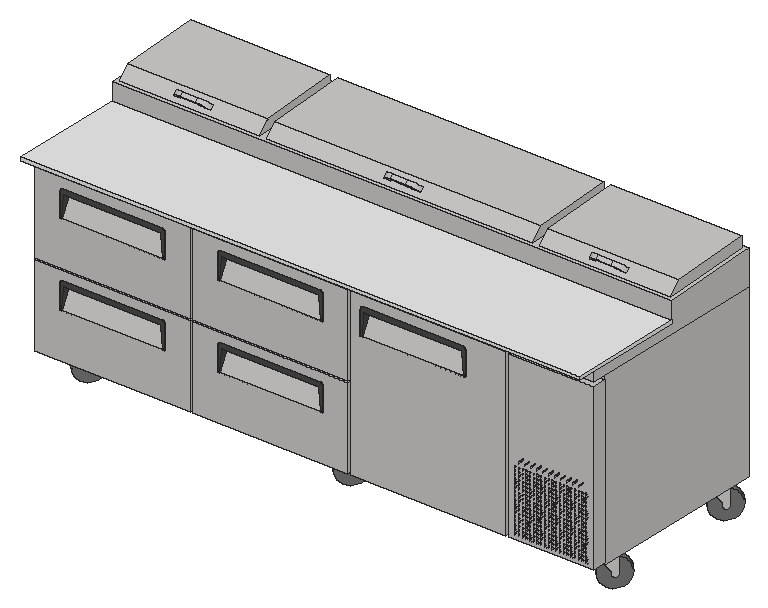
Revit family "QF_Turbo Air_TPR-93SD-D4", category Specialty Equipment, Revit 2012 (continued)
Forms (in)
  Extrusion 17, solid, material "QF_Finishes_Clearances", detail levels coarse
    sketch origin (-20.10094, 0, 0) x (0, 1, 0) y (0, 0, 1)
      loop
        line (-0.43665, 40.16021) -> (0.94312, 41.18404) -> (-6.89696, 51.74983) -> (-9.30056, 52.10578)
        arc (-9.30056, 52.10578) -> (-13.94213, 46.43603) -> (-15.28268, 39.23233) r 14.75
        line (-15.28268, 39.23233) -> (-13.67506, 41.0543) -> (-0.54382, 41.875) -> (-0.43665, 40.16021)
    from 0 to 23.3125
  Extrusion 18, solid, material "QF_Finishes_Stainless Steel"
    sketch origin (4.39906, 0, 0) x (0, 1, 0) y (0, 0, 1)
      loop
        line (-0.43665, 40.16021) -> (-0.54382, 41.875) -> (-13.67506, 41.0543) -> (-15.28268, 39.23233) -> (-0.43665, 40.16021)
    from 0 to 44.4375
  Extrusion 19, solid, material "QF_Finishes_Stainless Steel"
    sketch origin (35.0625, 15.62211, 13.58363) x (1, 0, 0) y (0, -0.749838, 0.661622)
      loop
        line (-6.44469, 40.14331) -> (-5.44469, 40.14331)
        arc (-5.44469, 40.14331) -> (-6.1194, 41.04872) -> (-7.19469, 41.39331) r 1.85
        line (-7.19469, 41.39331) -> (-9.69469, 41.39331)
        arc (-9.69469, 41.39331) -> (-10.76998, 41.04872) -> (-11.44469, 40.14331) r 1.85
        line (-11.44469, 40.14331) -> (-10.44469, 40.14331) -> (-10.44469, 40.64331)
        arc (-10.44469, 40.64331) -> (-10.29824, 40.99687) -> (-9.94469, 41.14331) r 0.5
        line (-9.94469, 41.14331) -> (-6.94469, 41.14331)
        arc (-6.94469, 41.14331) -> (-6.59114, 40.99687) -> (-6.44469, 40.64331) r 0.5
        line (-6.44469, 40.64331) -> (-6.44469, 40.14331)
    from -0.375 to 0.375
  Extrusion 20, solid, material "QF_Finishes_Clearances", detail levels coarse
    sketch origin (-0.96875, -13.97942, 12.21756) x (1, 0, 0) y (0, 0.146492, 0.989212)
      loop
        line (29.58656, 40.14331) -> (30.58656, 40.14331)
        arc (30.58656, 40.14331) -> (29.91185, 41.04872) -> (28.83656, 41.39331) r 1.85
        line (28.83656, 41.39331) -> (26.33656, 41.39331)
        arc (26.33656, 41.39331) -> (25.26127, 41.04872) -> (24.58656, 40.14331) r 1.85
        line (24.58656, 40.14331) -> (25.58656, 40.14331) -> (25.58656, 40.64331)
        arc (25.58656, 40.64331) -> (25.73301, 40.99687) -> (26.08656, 41.14331) r 0.5
        line (26.08656, 41.14331) -> (29.08656, 41.14331)
        arc (29.08656, 41.14331) -> (29.44011, 40.99687) -> (29.58656, 40.64331) r 0.5
        line (29.58656, 40.64331) -> (29.58656, 40.14331)
    from -0.375 to 0.375
  Extrusion 21, solid, material "QF_Finishes_Clearances", detail levels coarse
    sketch origin (4.39906, 0, 0) x (0, 1, 0) y (0, 0, 1)
      loop
        line (-0.43665, 40.16021) -> (0.94312, 41.18404) -> (-6.89696, 51.74983) -> (-9.30056, 52.10578)
        arc (-9.30056, 52.10578) -> (-13.94213, 46.43603) -> (-15.28268, 39.23233) r 14.75
        line (-15.28268, 39.23233) -> (-13.67506, 41.0543) -> (-0.54382, 41.875) -> (-0.43665, 40.16021)
    from 0 to 44.4375
  Extrusion 22, solid, material "QF_Finishes_Black"
    sketch origin (0, -29.875, 0) x (1, 0, 0) y (0, 0, 1)
      loop
        line (6.58656, 32.5625) -> (6.58656, 7.125) -> (30.58656, 7.125) -> (30.58656, 32.5625) -> (6.58656, 32.5625)
    from 0 to 0.5625
Lines and regions (in)
  symbolic lines
    curve 1: line (-20.78844, 0, 0) -> (72.58656, 0, 0)
    curve 2: line (-20.78844, -35.25, 0) -> (-20.78844, 0, 0)
    curve 3: line (72.58656, -35.25, 0) -> (-20.78844, -35.25, 0)
    curve 4: line (72.58656, 0, 0) -> (72.58656, -35.25, 0)
    curve 5: line (-20.78844, -16, 0) -> (72.58656, -16, 0)
    curve 6: line (-20.10094, -0.43665, 0) -> (3.21156, -0.43665, 0)
    curve 7: line (-20.10094, -0.43665, 0) -> (-20.10094, -15.28268, 0)
    curve 8: line (3.21156, -15.28268, 0) -> (-5.92034, -15.28268, 0)
    curve 9: line (3.21156, -15.28268, 0) -> (3.21156, -0.43665, 0)
    curve 10: line (-7.19469, -15.66428, 0) -> (-9.69469, -15.66428, 0)
    curve 11: line (-9.69469, -15.16806, 0) -> (-7.19469, -15.16806, 0)
    curve 12: spline (-9.69469, -15.66428, 0) -> (-9.88559, -15.65687, 0) -> (-10.07446, -15.63473, 0) -> (-10.25927, -15.5981, 0) -> (-10.43805, -15.54736, 0) -> (-10.6089, -15.48306, 0) -> (-10.76998, -15.40589, 0) -> (-10.91958, -15.31666, 0) -> (-11.05611, -15.21633, 0) -> (-11.1781, -15.10598, 0) -> (-11.28425, -14.98677, 0) -> (-11.37343, -14.85999, 0) -> (-11.44469, -14.72698, 0)
    curve 13: spline (-11.44469, -14.23076, 0) -> (-11.37343, -14.36377, 0) -> (-11.28425, -14.49055, 0) -> (-11.1781, -14.60976, 0) -> (-11.05611, -14.72012, 0) -> (-10.91958, -14.82044, 0) -> (-10.76998, -14.90967, 0) -> (-10.6089, -14.98685, 0) -> (-10.43805, -15.05115, 0) -> (-10.25927, -15.10189, 0) -> (-10.07446, -15.13852, 0) -> (-9.88559, -15.16066, 0) -> (-9.69469, -15.16806, 0)
    curve 14: line (-10.44469, -14.23076, 0) -> (-11.44469, -14.23076, 0)
    curve 15: line (-11.44469, -14.23076, 0) -> (-11.44469, -14.72698, 0)
    curve 16: line (-10.44469, -14.60568, 0) -> (-10.44469, -14.23076, 0)
    curve 17: line (-6.94469, -14.9806, 0) -> (-9.94469, -14.9806, 0)
    curve 18: spline (-9.94469, -14.9806, 0) -> (-10.00995, -14.97739, 0) -> (-10.0741, -14.96783, 0) -> (-10.13603, -14.95206, 0) -> (-10.19469, -14.93037, 0) -> (-10.24907, -14.90313, 0) -> (-10.29824, -14.87079, 0) -> (-10.34137, -14.83392, 0) -> (-10.3777, -14.79314, 0) -> (-10.40663, -14.74916, 0) -> (-10.42765, -14.70272, 0) -> (-10.44041, -14.65462, 0) -> (-10.44469, -14.60568, 0)
    curve 19: line (-5.44469, -14.23076, 0) -> (-6.44469, -14.23076, 0)
    curve 20: line (-5.44469, -14.72698, 0) -> (-5.44469, -14.23076, 0)
    curve 21: line (-6.44469, -14.23076, 0) -> (-6.44469, -14.60568, 0)
    curve 22: spline (-6.44469, -14.60568, 0) -> (-6.44897, -14.65462, 0) -> (-6.46173, -14.70272, 0) -> (-6.48275, -14.74916, 0) -> (-6.51168, -14.79314, 0) -> (-6.54801, -14.83392, 0) -> (-6.59114, -14.87079, 0) -> (-6.64031, -14.90313, 0) -> (-6.69469, -14.93037, 0) -> (-6.75335, -14.95206, 0) -> (-6.81528, -14.96783, 0) -> (-6.87943, -14.97739, 0) -> (-6.94469, -14.9806, 0)
    curve 23: spline (-7.19469, -15.16806, 0) -> (-7.00379, -15.16066, 0) -> (-6.81492, -15.13852, 0) -> (-6.63011, -15.10189, 0) -> (-6.45133, -15.05115, 0) -> (-6.28048, -14.98685, 0) -> (-6.1194, -14.90967, 0) -> (-5.9698, -14.82044, 0) -> (-5.83327, -14.72012, 0) -> (-5.71128, -14.60976, 0) -> (-5.60513, -14.49055, 0) -> (-5.51595, -14.36377, 0) -> (-5.44469, -14.23076, 0)
    curve 24: spline (-5.44469, -14.72698, 0) -> (-5.51595, -14.85999, 0) -> (-5.60513, -14.98677, 0) -> (-5.71128, -15.10598, 0) -> (-5.83327, -15.21633, 0) -> (-5.9698, -15.31666, 0) -> (-6.1194, -15.40589, 0) -> (-6.28048, -15.48306, 0) -> (-6.45133, -15.54736, 0) -> (-6.63011, -15.5981, 0) -> (-6.81492, -15.63473, 0) -> (-7.00379, -15.65687, 0) -> (-7.19469, -15.66428, 0)
    curve 25: line (-10.96904, -15.28268, 0) -> (-20.10094, -15.28268, 0)
    curve 26: line (-15.28844, 1, 0) -> (-14.03844, 1, 0)
    curve 27: line (65.83656, 1, 0) -> (67.08656, 1, 0)
    curve 28: line (67.08656, 1, 0) -> (67.08656, 0, 0)
    curve 29: line (65.83656, 1, 0) -> (65.83656, 0, 0)
    curve 30: line (-14.03844, 1, 0) -> (-14.03844, 0, 0)
    curve 31: line (-15.28844, 1, 0) -> (-15.28844, 0, 0)
    curve 50: line (62.21156, -15.66428, 0) -> (59.71156, -15.66428, 0)
    curve 51: line (59.71156, -15.16806, 0) -> (62.21156, -15.16806, 0)
    curve 52: spline (59.71156, -15.66428, 0) -> (59.52066, -15.65687, 0) -> (59.33179, -15.63473, 0) -> (59.14698, -15.5981, 0) -> (58.9682, -15.54736, 0) -> (58.79735, -15.48306, 0) -> (58.63627, -15.40589, 0) -> (58.48667, -15.31666, 0) -> (58.35014, -15.21633, 0) -> (58.22815, -15.10598, 0) -> (58.122, -14.98677, 0) -> (58.03282, -14.85999, 0) -> (57.96156, -14.72698, 0)
    curve 53: spline (57.96156, -14.23076, 0) -> (58.03282, -14.36377, 0) -> (58.122, -14.49055, 0) -> (58.22815, -14.60976, 0) -> (58.35014, -14.72012, 0) -> (58.48667, -14.82044, 0) -> (58.63627, -14.90967, 0) -> (58.79735, -14.98685, 0) -> (58.9682, -15.05115, 0) -> (59.14698, -15.10189, 0) -> (59.33179, -15.13852, 0) -> (59.52066, -15.16066, 0) -> (59.71156, -15.16806, 0)
    curve 54: line (58.96156, -14.23076, 0) -> (57.96156, -14.23076, 0)
    curve 55: line (57.96156, -14.23076, 0) -> (57.96156, -14.72698, 0)
    curve 56: line (58.96156, -14.60568, 0) -> (58.96156, -14.23076, 0)
    curve 57: line (63.96156, -14.23076, 0) -> (62.96156, -14.23076, 0)
    curve 58: line (63.96156, -14.72698, 0) -> (63.96156, -14.23076, 0)
    curve 59: line (62.96156, -14.23076, 0) -> (62.96156, -14.60568, 0)
    curve 60: spline (62.21156, -15.16806, 0) -> (62.40246, -15.16066, 0) -> (62.59133, -15.13852, 0) -> (62.77614, -15.10189, 0) -> (62.95492, -15.05115, 0) -> (63.12577, -14.98685, 0) -> (63.28685, -14.90967, 0) -> (63.43645, -14.82044, 0) -> (63.57298, -14.72012, 0) -> (63.69497, -14.60976, 0) -> (63.80112, -14.49055, 0) -> (63.8903, -14.36377, 0) -> (63.96156, -14.23076, 0)
    curve 61: spline (63.96156, -14.72698, 0) -> (63.8903, -14.85999, 0) -> (63.80112, -14.98677, 0) -> (63.69497, -15.10598, 0) -> (63.57298, -15.21633, 0) -> (63.43645, -15.31666, 0) -> (63.28685, -15.40589, 0) -> (63.12577, -15.48306, 0) -> (62.95492, -15.54736, 0) -> (62.77614, -15.5981, 0) -> (62.59133, -15.63473, 0) -> (62.40246, -15.65687, 0) -> (62.21156, -15.66428, 0)
    curve 65: line (71.89906, -0.43665, 0) -> (50.02406, -0.43665, 0)
    curve 66: line (50.02406, -15.28268, 0) -> (58.43721, -15.28268, 0)
    curve 67: line (50.02406, -0.43665, 0) -> (50.02406, -15.28268, 0)
    curve 68: line (71.89906, -15.28268, 0) -> (71.89906, -0.43665, 0)
    curve 69: line (63.48591, -15.28268, 0) -> (71.89906, -15.28268, 0)
    curve 146: line (27.86781, -15.66428, 0) -> (25.36781, -15.66428, 0)
    curve 147: line (25.36781, -15.16806, 0) -> (27.86781, -15.16806, 0)
    curve 148: spline (25.36781, -15.66428, 0) -> (25.17691, -15.65687, 0) -> (24.98804, -15.63473, 0) -> (24.80323, -15.5981, 0) -> (24.62445, -15.54736, 0) -> (24.4536, -15.48306, 0) -> (24.29252, -15.40589, 0) -> (24.14292, -15.31666, 0) -> (24.00639, -15.21633, 0) -> (23.8844, -15.10598, 0) -> (23.77825, -14.98677, 0) -> (23.68907, -14.85999, 0) -> (23.61781, -14.72698, 0)
    curve 149: spline (23.61781, -14.23076, 0) -> (23.68907, -14.36377, 0) -> (23.77825, -14.49055, 0) -> (23.8844, -14.60976, 0) -> (24.00639, -14.72012, 0) -> (24.14292, -14.82044, 0) -> (24.29252, -14.90967, 0) -> (24.4536, -14.98685, 0) -> (24.62445, -15.05115, 0) -> (24.80323, -15.10189, 0) -> (24.98804, -15.13852, 0) -> (25.17691, -15.16066, 0) -> (25.36781, -15.16806, 0)
    curve 150: line (24.61781, -14.23076, 0) -> (23.61781, -14.23076, 0)
    curve 151: line (23.61781, -14.23076, 0) -> (23.61781, -14.72698, 0)
    curve 152: line (24.61781, -14.60568, 0) -> (24.61781, -14.23076, 0)
    curve 153: line (28.11781, -14.9806, 0) -> (25.11781, -14.9806, 0)
    curve 154: spline (25.11781, -14.9806, 0) -> (25.05255, -14.97739, 0) -> (24.9884, -14.96783, 0) -> (24.92647, -14.95206, 0) -> (24.86781, -14.93037, 0) -> (24.81343, -14.90313, 0) -> (24.76426, -14.87079, 0) -> (24.72113, -14.83392, 0) -> (24.6848, -14.79314, 0) -> (24.65587, -14.74916, 0) -> (24.63485, -14.70272, 0) -> (24.62209, -14.65462, 0) -> (24.61781, -14.60568, 0)
    curve 155: line (29.61781, -14.23076, 0) -> (28.61781, -14.23076, 0)
    curve 156: line (29.61781, -14.72698, 0) -> (29.61781, -14.23076, 0)
    curve 157: line (28.61781, -14.23076, 0) -> (28.61781, -14.60568, 0)
    curve 158: spline (28.61781, -14.60568, 0) -> (28.61353, -14.65462, 0) -> (28.60077, -14.70272, 0) -> (28.57975, -14.74916, 0) -> (28.55082, -14.79314, 0) -> (28.51449, -14.83392, 0) -> (28.47136, -14.87079, 0) -> (28.42219, -14.90313, 0) -> (28.36781, -14.93037, 0) -> (28.30915, -14.95206, 0) -> (28.24722, -14.96783, 0) -> (28.18307, -14.97739, 0) -> (28.11781, -14.9806, 0)
    curve 159: spline (27.86781, -15.16806, 0) -> (28.05871, -15.16066, 0) -> (28.24758, -15.13852, 0) -> (28.43239, -15.10189, 0) -> (28.61117, -15.05115, 0) -> (28.78202, -14.98685, 0) -> (28.9431, -14.90967, 0) -> (29.0927, -14.82044, 0) -> (29.22923, -14.72012, 0) -> (29.35122, -14.60976, 0) -> (29.45737, -14.49055, 0) -> (29.54655, -14.36377, 0) -> (29.61781, -14.23076, 0)
    curve 160: spline (29.61781, -14.72698, 0) -> (29.54655, -14.85999, 0) -> (29.45737, -14.98677, 0) -> (29.35122, -15.10598, 0) -> (29.22923, -15.21633, 0) -> (29.0927, -15.31666, 0) -> (28.9431, -15.40589, 0) -> (28.78202, -15.48306, 0) -> (28.61117, -15.54736, 0) -> (28.43239, -15.5981, 0) -> (28.24758, -15.63473, 0) -> (28.05871, -15.65687, 0) -> (27.86781, -15.66428, 0)
    curve 252: line (4.39906, -0.43665, 0) -> (4.39906, -15.28268, 0)
    curve 253: line (4.39906, -15.28268, 0) -> (24.09346, -15.28268, 0)
    curve 254: line (48.83656, -15.28268, 0) -> (48.83656, -0.43665, 0)
    curve 255: line (48.83656, -0.43665, 0) -> (4.39906, -0.43665, 0)
    curve 256: line (29.14216, -15.28268, 0) -> (48.83656, -15.28268, 0)
  symbolic lines, style "QF_Surface Details"
    curve 32: line (-11.31969, -14.5625, 0) -> (-5.56969, -14.5625, 0)
    curve 33: line (-5.00719, -14, 0) -> (-5.00719, -2.375, 0)
    curve 34: line (-5.56969, -1.8125, 0) -> (-11.31969, -1.8125, 0)
    curve 35: line (-11.88219, -14, 0) -> (-11.88219, -2.375, 0)
    curve 36: arc (-5.56969, -1.8125, 0) -> (-5.17194, -1.97725, 0) -> (-5.00719, -2.375, 0) r 0.5625
    curve 37: arc (-11.31969, -1.8125, 0) -> (-11.71744, -1.97725, 0) -> (-11.88219, -2.375, 0) r 0.5625
    curve 38: arc (-11.88219, -14, 0) -> (-11.71744, -14.39775, 0) -> (-11.31969, -14.5625, 0) r 0.5625
    curve 39: arc (-5.00719, -14, 0) -> (-5.17194, -14.39775, 0) -> (-5.56969, -14.5625, 0) r 0.5625
    curve 40: line (-5.56969, -12.625, 0) -> (-5.56969, -3.75, 0)
    curve 41: line (-6.94469, -2.375, 0) -> (-9.94469, -2.375, 0)
    curve 42: line (-9.94469, -14, 0) -> (-6.94469, -14, 0)
    curve 43: line (-11.31969, -12.625, 0) -> (-11.31969, -3.75, 0)
    curve 44: arc (-9.94469, -2.375, 0) -> (-10.91696, -2.77773, 0) -> (-11.31969, -3.75, 0) r 1.375
    curve 45: arc (-6.94469, -2.375, 0) -> (-5.97242, -2.77773, 0) -> (-5.56969, -3.75, 0) r 1.375
    curve 46: arc (-5.56969, -12.625, 0) -> (-5.97242, -13.59727, 0) -> (-6.94469, -14, 0) r 1.375
    curve 47: arc (-9.94469, -14, 0) -> (-10.91696, -13.59727, 0) -> (-11.31969, -12.625, 0) r 1.375
    curve 70: line (50.64906, -14, 0) -> (50.64906, -2.375, 0)
    curve 71: line (51.21156, -14.5625, 0) -> (56.96156, -14.5625, 0)
    curve 72: line (57.52406, -14, 0) -> (57.52406, -2.375, 0)
    curve 73: line (56.96156, -1.8125, 0) -> (51.21156, -1.8125, 0)
    curve 74: arc (56.96156, -1.8125, 0) -> (57.35931, -1.97725, 0) -> (57.52406, -2.375, 0) r 0.5625
    curve 75: arc (51.21156, -1.8125, 0) -> (50.81381, -1.97725, 0) -> (50.64906, -2.375, 0) r 0.5625
    curve 76: arc (57.52406, -14, 0) -> (57.35931, -14.39775, 0) -> (56.96156, -14.5625, 0) r 0.5625
    curve 77: line (56.96156, -12.625, 0) -> (56.96156, -3.75, 0)
    curve 78: line (55.58656, -2.375, 0) -> (52.58656, -2.375, 0)
    curve 79: line (52.58656, -14, 0) -> (55.58656, -14, 0)
    curve 80: line (51.21156, -12.625, 0) -> (51.21156, -3.75, 0)
    curve 81: arc (52.58656, -2.375, 0) -> (51.61429, -2.77773, 0) -> (51.21156, -3.75, 0) r 1.375
    curve 82: arc (55.58656, -2.375, 0) -> (56.55883, -2.77773, 0) -> (56.96156, -3.75, 0) r 1.375
    curve 83: arc (56.96156, -12.625, 0) -> (56.55883, -13.59727, 0) -> (55.58656, -14, 0) r 1.375
    curve 84: arc (52.58656, -14, 0) -> (51.61429, -13.59727, 0) -> (51.21156, -12.625, 0) r 1.375
    curve 85: arc (50.64906, -14, 0) -> (50.81381, -14.39775, 0) -> (51.21156, -14.5625, 0) r 0.5625
    curve 86: line (58.08656, -14.5625, 0) -> (63.83656, -14.5625, 0)
    curve 87: line (64.39906, -14, 0) -> (64.39906, -2.375, 0)
    curve 88: line (63.83656, -1.8125, 0) -> (58.08656, -1.8125, 0)
    curve 89: arc (63.83656, -1.8125, 0) -> (64.23431, -1.97725, 0) -> (64.39906, -2.375, 0) r 0.5625
    curve 90: arc (58.08656, -1.8125, 0) -> (57.68881, -1.97725, 0) -> (57.52406, -2.375, 0) r 0.5625
    curve 91: arc (64.39906, -14, 0) -> (64.23431, -14.39775, 0) -> (63.83656, -14.5625, 0) r 0.5625
    curve 92: line (63.83656, -12.625, 0) -> (63.83656, -3.75, 0)
    curve 93: line (62.46156, -2.375, 0) -> (59.46156, -2.375, 0)
    curve 94: line (59.46156, -14, 0) -> (62.46156, -14, 0)
    curve 95: line (58.08656, -12.625, 0) -> (58.08656, -3.75, 0)
    curve 96: arc (59.46156, -2.375, 0) -> (58.48929, -2.77773, 0) -> (58.08656, -3.75, 0) r 1.375
    curve 97: arc (62.46156, -2.375, 0) -> (63.43383, -2.77773, 0) -> (63.83656, -3.75, 0) r 1.375
    curve 98: arc (63.83656, -12.625, 0) -> (63.43383, -13.59727, 0) -> (62.46156, -14, 0) r 1.375
    curve 99: arc (59.46156, -14, 0) -> (58.48929, -13.59727, 0) -> (58.08656, -12.625, 0) r 1.375
    curve 100: arc (57.52406, -14, 0) -> (57.68881, -14.39775, 0) -> (58.08656, -14.5625, 0) r 0.5625
    curve 101: line (64.96156, -14.5625, 0) -> (70.71156, -14.5625, 0)
    curve 102: line (71.27406, -14, 0) -> (71.27406, -2.375, 0)
    curve 103: line (70.71156, -1.8125, 0) -> (64.96156, -1.8125, 0)
    curve 104: arc (70.71156, -1.8125, 0) -> (71.10931, -1.97725, 0) -> (71.27406, -2.375, 0) r 0.5625
    curve 105: arc (64.96156, -1.8125, 0) -> (64.56381, -1.97725, 0) -> (64.39906, -2.375, 0) r 0.5625
    curve 106: arc (71.27406, -14, 0) -> (71.10931, -14.39775, 0) -> (70.71156, -14.5625, 0) r 0.5625
    curve 107: line (70.71156, -12.625, 0) -> (70.71156, -3.75, 0)
    curve 108: line (69.33656, -2.375, 0) -> (66.33656, -2.375, 0)
    curve 109: line (66.33656, -14, 0) -> (69.33656, -14, 0)
    curve 110: line (64.96156, -12.625, 0) -> (64.96156, -3.75, 0)
    curve 111: arc (66.33656, -2.375, 0) -> (65.36429, -2.77773, 0) -> (64.96156, -3.75, 0) r 1.375
    curve 112: arc (69.33656, -2.375, 0) -> (70.30883, -2.77773, 0) -> (70.71156, -3.75, 0) r 1.375
    curve 113: arc (70.71156, -12.625, 0) -> (70.30883, -13.59727, 0) -> (69.33656, -14, 0) r 1.375
    curve 114: arc (66.33656, -14, 0) -> (65.36429, -13.59727, 0) -> (64.96156, -12.625, 0) r 1.375
    curve 115: arc (64.39906, -14, 0) -> (64.56381, -14.39775, 0) -> (64.96156, -14.5625, 0) r 0.5625
    curve 116: line (-18.19469, -14.5625, 0) -> (-12.44469, -14.5625, 0)
    curve 117: line (-12.44469, -1.8125, 0) -> (-18.19469, -1.8125, 0)
    curve 118: line (-18.75719, -14, 0) -> (-18.75719, -2.375, 0)
    curve 119: arc (-12.44469, -1.8125, 0) -> (-12.04694, -1.97725, 0) -> (-11.88219, -2.375, 0) r 0.5625
    curve 120: arc (-18.19469, -1.8125, 0) -> (-18.59244, -1.97725, 0) -> (-18.75719, -2.375, 0) r 0.5625
    curve 121: arc (-18.75719, -14, 0) -> (-18.59244, -14.39775, 0) -> (-18.19469, -14.5625, 0) r 0.5625
    curve 122: arc (-11.88219, -14, 0) -> (-12.04694, -14.39775, 0) -> (-12.44469, -14.5625, 0) r 0.5625
    curve 123: line (-12.44469, -12.625, 0) -> (-12.44469, -3.75, 0)
    curve 124: line (-13.81969, -2.375, 0) -> (-16.81969, -2.375, 0)
    curve 125: line (-16.81969, -14, 0) -> (-13.81969, -14, 0)
    curve 126: line (-18.19469, -12.625, 0) -> (-18.19469, -3.75, 0)
    curve 127: arc (-16.81969, -2.375, 0) -> (-17.79196, -2.77773, 0) -> (-18.19469, -3.75, 0) r 1.375
    curve 128: arc (-13.81969, -2.375, 0) -> (-12.84742, -2.77773, 0) -> (-12.44469, -3.75, 0) r 1.375
    curve 129: arc (-12.44469, -12.625, 0) -> (-12.84742, -13.59727, 0) -> (-13.81969, -14, 0) r 1.375
    curve 130: arc (-16.81969, -14, 0) -> (-17.79196, -13.59727, 0) -> (-18.19469, -12.625, 0) r 1.375
    curve 131: line (1.30531, -14.5625, 0) -> (-4.44469, -14.5625, 0)
    curve 132: line (-4.44469, -1.8125, 0) -> (1.30531, -1.8125, 0)
    curve 133: line (1.86781, -14, 0) -> (1.86781, -2.375, 0)
    curve 134: arc (-4.44469, -1.8125, 0) -> (-4.84244, -1.97725, 0) -> (-5.00719, -2.375, 0) r 0.5625
    curve 135: arc (1.30531, -1.8125, 0) -> (1.70306, -1.97725, 0) -> (1.86781, -2.375, 0) r 0.5625
    curve 136: arc (1.86781, -14, 0) -> (1.70306, -14.39775, 0) -> (1.30531, -14.5625, 0) r 0.5625
    curve 137: arc (-5.00719, -14, 0) -> (-4.84244, -14.39775, 0) -> (-4.44469, -14.5625, 0) r 0.5625
    curve 138: line (-4.44469, -12.625, 0) -> (-4.44469, -3.75, 0)
    curve 139: line (-3.06969, -2.375, 0) -> (-0.06969, -2.375, 0)
    curve 140: line (-0.06969, -14, 0) -> (-3.06969, -14, 0)
    curve 141: line (1.30531, -12.625, 0) -> (1.30531, -3.75, 0)
    curve 142: arc (-0.06969, -2.375, 0) -> (0.90258, -2.77773, 0) -> (1.30531, -3.75, 0) r 1.375
    curve 143: arc (-3.06969, -2.375, 0) -> (-4.04196, -2.77773, 0) -> (-4.44469, -3.75, 0) r 1.375
    curve 144: arc (-4.44469, -12.625, 0) -> (-4.04196, -13.59727, 0) -> (-3.06969, -14, 0) r 1.375
    curve 145: arc (-0.06969, -14, 0) -> (0.90258, -13.59727, 0) -> (1.30531, -12.625, 0) r 1.375
    curve 161: line (20.30531, -14.5625, 0) -> (26.05531, -14.5625, 0)
    curve 162: line (26.61781, -14, 0) -> (26.61781, -2.375, 0)
    curve 163: line (26.05531, -1.8125, 0) -> (20.30531, -1.8125, 0)
    curve 164: line (19.74281, -14, 0) -> (19.74281, -2.375, 0)
    curve 165: arc (26.05531, -1.8125, 0) -> (26.45306, -1.97725, 0) -> (26.61781, -2.375, 0) r 0.5625
    curve 166: arc (20.30531, -1.8125, 0) -> (19.90756, -1.97725, 0) -> (19.74281, -2.375, 0) r 0.5625
    curve 167: arc (19.74281, -14, 0) -> (19.90756, -14.39775, 0) -> (20.30531, -14.5625, 0) r 0.5625
    curve 168: arc (26.61781, -14, 0) -> (26.45306, -14.39775, 0) -> (26.05531, -14.5625, 0) r 0.5625
    curve 169: line (26.05531, -12.625, 0) -> (26.05531, -3.75, 0)
    curve 170: line (24.68031, -2.375, 0) -> (21.68031, -2.375, 0)
    curve 171: line (21.68031, -14, 0) -> (24.68031, -14, 0)
    curve 172: line (20.30531, -12.625, 0) -> (20.30531, -3.75, 0)
    curve 173: arc (21.68031, -2.375, 0) -> (20.70804, -2.77773, 0) -> (20.30531, -3.75, 0) r 1.375
    curve 174: arc (24.68031, -2.375, 0) -> (25.65258, -2.77773, 0) -> (26.05531, -3.75, 0) r 1.375
    curve 175: arc (26.05531, -12.625, 0) -> (25.65258, -13.59727, 0) -> (24.68031, -14, 0) r 1.375
    curve 176: arc (21.68031, -14, 0) -> (20.70804, -13.59727, 0) -> (20.30531, -12.625, 0) r 1.375
    curve 177: line (13.43031, -14.5625, 0) -> (19.18031, -14.5625, 0)
    curve 178: line (19.18031, -1.8125, 0) -> (13.43031, -1.8125, 0)
    curve 179: line (12.86781, -14, 0) -> (12.86781, -2.375, 0)
    curve 180: arc (19.18031, -1.8125, 0) -> (19.57806, -1.97725, 0) -> (19.74281, -2.375, 0) r 0.5625
    curve 181: arc (13.43031, -1.8125, 0) -> (13.03256, -1.97725, 0) -> (12.86781, -2.375, 0) r 0.5625
    curve 182: arc (12.86781, -14, 0) -> (13.03256, -14.39775, 0) -> (13.43031, -14.5625, 0) r 0.5625
    curve 183: arc (19.74281, -14, 0) -> (19.57806, -14.39775, 0) -> (19.18031, -14.5625, 0) r 0.5625
    curve 184: line (19.18031, -12.625, 0) -> (19.18031, -3.75, 0)
    curve 185: line (17.80531, -2.375, 0) -> (14.80531, -2.375, 0)
    curve 186: line (14.80531, -14, 0) -> (17.80531, -14, 0)
    curve 187: line (13.43031, -12.625, 0) -> (13.43031, -3.75, 0)
    curve 188: arc (14.80531, -2.375, 0) -> (13.83304, -2.77773, 0) -> (13.43031, -3.75, 0) r 1.375
    curve 189: arc (17.80531, -2.375, 0) -> (18.77758, -2.77773, 0) -> (19.18031, -3.75, 0) r 1.375
    curve 190: arc (19.18031, -12.625, 0) -> (18.77758, -13.59727, 0) -> (17.80531, -14, 0) r 1.375
    curve 191: arc (14.80531, -14, 0) -> (13.83304, -13.59727, 0) -> (13.43031, -12.625, 0) r 1.375
    curve 192: line (32.93031, -14.5625, 0) -> (27.18031, -14.5625, 0)
    curve 193: line (27.18031, -1.8125, 0) -> (32.93031, -1.8125, 0)
    curve 194: line (33.49281, -14, 0) -> (33.49281, -2.375, 0)
    curve 195: arc (27.18031, -1.8125, 0) -> (26.78256, -1.97725, 0) -> (26.61781, -2.375, 0) r 0.5625
    curve 196: arc (32.93031, -1.8125, 0) -> (33.32806, -1.97725, 0) -> (33.49281, -2.375, 0) r 0.5625
    curve 197: arc (33.49281, -14, 0) -> (33.32806, -14.39775, 0) -> (32.93031, -14.5625, 0) r 0.5625
    curve 198: arc (26.61781, -14, 0) -> (26.78256, -14.39775, 0) -> (27.18031, -14.5625, 0) r 0.5625
    curve 199: line (27.18031, -12.625, 0) -> (27.18031, -3.75, 0)
    curve 200: line (28.55531, -2.375, 0) -> (31.55531, -2.375, 0)
    curve 201: line (31.55531, -14, 0) -> (28.55531, -14, 0)
    curve 202: line (32.93031, -12.625, 0) -> (32.93031, -3.75, 0)
    curve 203: arc (31.55531, -2.375, 0) -> (32.52758, -2.77773, 0) -> (32.93031, -3.75, 0) r 1.375
    curve 204: arc (28.55531, -2.375, 0) -> (27.58304, -2.77773, 0) -> (27.18031, -3.75, 0) r 1.375
    curve 205: arc (27.18031, -12.625, 0) -> (27.58304, -13.59727, 0) -> (28.55531, -14, 0) r 1.375
    curve 206: arc (31.55531, -14, 0) -> (32.52758, -13.59727, 0) -> (32.93031, -12.625, 0) r 1.375
    curve 207: line (6.55531, -14.5625, 0) -> (12.30531, -14.5625, 0)
    curve 208: line (12.30531, -1.8125, 0) -> (6.55531, -1.8125, 0)
    curve 209: line (5.99281, -14, 0) -> (5.99281, -2.375, 0)
    curve 210: arc (12.30531, -1.8125, 0) -> (12.70306, -1.97725, 0) -> (12.86781, -2.375, 0) r 0.5625
    curve 211: arc (6.55531, -1.8125, 0) -> (6.15756, -1.97725, 0) -> (5.99281, -2.375, 0) r 0.5625
    curve 212: arc (5.99281, -14, 0) -> (6.15756, -14.39775, 0) -> (6.55531, -14.5625, 0) r 0.5625
    curve 213: arc (12.86781, -14, 0) -> (12.70306, -14.39775, 0) -> (12.30531, -14.5625, 0) r 0.5625
    curve 214: line (12.30531, -12.625, 0) -> (12.30531, -3.75, 0)
    curve 215: line (10.93031, -2.375, 0) -> (7.93031, -2.375, 0)
    curve 216: line (7.93031, -14, 0) -> (10.93031, -14, 0)
    curve 217: line (6.55531, -12.625, 0) -> (6.55531, -3.75, 0)
    curve 218: arc (7.93031, -2.375, 0) -> (6.95804, -2.77773, 0) -> (6.55531, -3.75, 0) r 1.375
    curve 219: arc (10.93031, -2.375, 0) -> (11.90258, -2.77773, 0) -> (12.30531, -3.75, 0) r 1.375
    curve 220: arc (12.30531, -12.625, 0) -> (11.90258, -13.59727, 0) -> (10.93031, -14, 0) r 1.375
    curve 221: arc (7.93031, -14, 0) -> (6.95804, -13.59727, 0) -> (6.55531, -12.625, 0) r 1.375
    curve 222: line (39.80531, -14.5625, 0) -> (34.05531, -14.5625, 0)
    curve 223: line (34.05531, -1.8125, 0) -> (39.80531, -1.8125, 0)
    curve 224: line (40.36781, -14, 0) -> (40.36781, -2.375, 0)
    curve 225: arc (34.05531, -1.8125, 0) -> (33.65756, -1.97725, 0) -> (33.49281, -2.375, 0) r 0.5625
    curve 226: arc (39.80531, -1.8125, 0) -> (40.20306, -1.97725, 0) -> (40.36781, -2.375, 0) r 0.5625
    curve 227: arc (40.36781, -14, 0) -> (40.20306, -14.39775, 0) -> (39.80531, -14.5625, 0) r 0.5625
    curve 228: arc (33.49281, -14, 0) -> (33.65756, -14.39775, 0) -> (34.05531, -14.5625, 0) r 0.5625
    curve 229: line (34.05531, -12.625, 0) -> (34.05531, -3.75, 0)
    curve 230: line (35.43031, -2.375, 0) -> (38.43031, -2.375, 0)
    curve 231: line (38.43031, -14, 0) -> (35.43031, -14, 0)
    curve 232: line (39.80531, -12.625, 0) -> (39.80531, -3.75, 0)
    curve 233: arc (38.43031, -2.375, 0) -> (39.40258, -2.77773, 0) -> (39.80531, -3.75, 0) r 1.375
    curve 234: arc (35.43031, -2.375, 0) -> (34.45804, -2.77773, 0) -> (34.05531, -3.75, 0) r 1.375
    curve 235: arc (34.05531, -12.625, 0) -> (34.45804, -13.59727, 0) -> (35.43031, -14, 0) r 1.375
    curve 236: arc (38.43031, -14, 0) -> (39.40258, -13.59727, 0) -> (39.80531, -12.625, 0) r 1.375
    curve 237: line (46.68031, -14.5625, 0) -> (40.93031, -14.5625, 0)
    curve 238: line (40.93031, -1.8125, 0) -> (46.68031, -1.8125, 0)
    curve 239: line (47.24281, -14, 0) -> (47.24281, -2.375, 0)
    curve 240: arc (40.93031, -1.8125, 0) -> (40.53256, -1.97725, 0) -> (40.36781, -2.375, 0) r 0.5625
    curve 241: arc (46.68031, -1.8125, 0) -> (47.07806, -1.97725, 0) -> (47.24281, -2.375, 0) r 0.5625
    curve 242: arc (47.24281, -14, 0) -> (47.07806, -14.39775, 0) -> (46.68031, -14.5625, 0) r 0.5625
    curve 243: arc (40.36781, -14, 0) -> (40.53256, -14.39775, 0) -> (40.93031, -14.5625, 0) r 0.5625
    curve 244: line (40.93031, -12.625, 0) -> (40.93031, -3.75, 0)
    curve 245: line (42.30531, -2.375, 0) -> (45.30531, -2.375, 0)
    curve 246: line (45.30531, -14, 0) -> (42.30531, -14, 0)
    curve 247: line (46.68031, -12.625, 0) -> (46.68031, -3.75, 0)
    curve 248: arc (45.30531, -2.375, 0) -> (46.27758, -2.77773, 0) -> (46.68031, -3.75, 0) r 1.375
    curve 249: arc (42.30531, -2.375, 0) -> (41.33304, -2.77773, 0) -> (40.93031, -3.75, 0) r 1.375
    curve 250: arc (40.93031, -12.625, 0) -> (41.33304, -13.59727, 0) -> (42.30531, -14, 0) r 1.375
    curve 251: arc (45.30531, -14, 0) -> (46.27758, -13.59727, 0) -> (46.68031, -12.625, 0) r 1.375
  symbolic lines, style "QF_Clearances", detail levels coarse
    curve 48: line (57.96156, -35.25, 0) -> (57.96156, -58.2696, 0)
    curve 49: arc (57.96156, -58.2696, 0) -> (40.65606, -51.68037, 0) -> (32.11548, -35.25, 0) r 26.0196
    curve 257: line (-20.78844, -35.25, 0) -> (-20.78844, -57.375, 0)
    curve 258: line (-20.78844, -57.375, 0) -> (5.21156, -57.375, 0)
    curve 259: line (5.21156, -57.375, 0) -> (5.21156, -35.25, 0)
    curve 260: line (5.58656, -35.25, 0) -> (5.58656, -57.375, 0)
    curve 261: line (5.58656, -57.375, 0) -> (31.58656, -57.375, 0)
    curve 262: line (31.58656, -57.375, 0) -> (31.58656, -35.25, 0)
  symbolic lines, style "SpecialityEquipment"
    curve 62: spline (59.46156, -14.9806, 0) -> (59.3963, -14.97739, 0) -> (59.33215, -14.96783, 0) -> (59.27022, -14.95206, 0) -> (59.21156, -14.93037, 0) -> (59.15718, -14.90313, 0) -> (59.10801, -14.87079, 0) -> (59.06488, -14.83392, 0) -> (59.02855, -14.79314, 0) -> (58.99962, -14.74916, 0) -> (58.9786, -14.70272, 0) -> (58.96584, -14.65462, 0) -> (58.96156, -14.60568, 0)
    curve 63: line (62.46156, -14.9806, 0) -> (59.46156, -14.9806, 0)
    curve 64: spline (62.96156, -14.60568, 0) -> (62.95728, -14.65462, 0) -> (62.94452, -14.70272, 0) -> (62.9235, -14.74916, 0) -> (62.89457, -14.79314, 0) -> (62.85824, -14.83392, 0) -> (62.81511, -14.87079, 0) -> (62.76594, -14.90313, 0) -> (62.71156, -14.93037, 0) -> (62.6529, -14.95206, 0) -> (62.59097, -14.96783, 0) -> (62.52682, -14.97739, 0) -> (62.46156, -14.9806, 0)
Dimensions and locks (in)
  plane 4 "RIGHT" to plane 3 "LEFT" = 7' - 9 3/8"
  locked: plane 6 "FRONT" to plane 1 "BACK" at 35.25
  locked: plane 6 "FRONT" to plane 5 "Front of Door" at 3
  locked: plane 7 "Front of Pans" to plane 1 "BACK" at 16
  locked: plane 8 "Left of Compressor" to plane 4 "RIGHT" at 14.125
  plane 3 "LEFT" to plane 9 "Right of Left Door" = 2' - 2"
  "CasterLeg Height": plane 10 "Bottom" to plane 2
  locked: plane 12 "Door Clearance" to plane 11 "TOP" at 11.375
  locked: plane 11 "TOP" to plane 10 "Bottom" at 36
  locked: plane 13 "Work Top" to plane 10 "Bottom" at 30
  locked: plane 13 "Work Top" to plane 14 at 1.5625
  locked: plane 14 to plane 15 "Top of Door" at 0.75
  locked: plane 16 "Bottom of Door" to plane 10 "Bottom" at 0.25
  locked: plane 1 "BACK" to plane 17 "Back Stops" at 1
  locked: plane 5 "Front of Door" to plane 18 "Front of Box" at 2.375
  locked: Extrusion 2 sketch curve to plane 13 "Work Top" at 3.3125
  locked: Extrusion 2 sketch curve to plane 14 at 5.875
  locked: plane 3 "LEFT" to plane 19 "Left of Left Lid" at 0.6875
  locked: plane 11 "TOP" to Extrusion 3 sketch curve at 1.71479
  locked: plane 11 "TOP" to Extrusion 3 sketch curve at 0.8207
  locked: plane 11 "TOP" to Extrusion 3 sketch curve at 2.64267
  locked: plane 7 "Front of Pans" to Extrusion 3 sketch curve at 0.71732
  locked: plane 7 "Front of Pans" to Extrusion 3 sketch curve at 2.32494
  locked: Extrusion 3 sketch curve to plane 1 "BACK" at 0.43665
  locked: Extrusion 3 sketch curve to plane 1 "BACK" at 0.54382
  locked: plane 11 "TOP" to plane 22 "Handle Elevation" at 1.73169
  locked: plane 23 "Handle Center FB" to plane 1 "BACK" at 14.47887
  locked: plane 21 "Handle Center of Left Lid" to Extrusion 4 sketch curve at 2
  locked: Extrusion 4 sketch curve to plane 21 "Handle Center of Left Lid" at 2
  locked: plane 21 "Handle Center of Left Lid" to Extrusion 4 sketch curve at 3
  locked: Extrusion 4 sketch curve to plane 21 "Handle Center of Left Lid" at 3
  locked: plane 21 "Handle Center of Left Lid" to Extrusion 4 sketch curve at 1.5
  locked: plane 21 "Handle Center of Left Lid" to Extrusion 4 sketch curve at 1.25
  locked: Extrusion 4 sketch curve to plane 21 "Handle Center of Left Lid" at 1.5
  locked: Extrusion 4 sketch curve to plane 21 "Handle Center of Left Lid" at 1.25
  locked: plane 11 "TOP" to Extrusion 4 at 0.62347
  locked: plane 11 "TOP" to Extrusion 4 at 1.18585
  locked: plane 15 "Top of Door" to Extrusion 5 sketch curve at 1
  locked: Extrusion 5 sketch curve to plane 3 "LEFT" at 1
  locked: Extrusion 5 sketch curve to plane 9 "Right of Left Door" at 1
  locked: Extrusion 5 sketch curve to plane 16 "Bottom of Door" at 1
  locked: Extrusion 7 sketch curve to plane 8 "Left of Compressor" at 0.5
  locked: Extrusion 7 sketch curve to plane 4 "RIGHT" at 0.5
  locked: Extrusion 7 sketch curve to plane 16 "Bottom of Door" at 0.5
  locked: Extrusion 7 sketch curve to Extrusion 7 sketch curve at 12.5
  locked: Extrusion 8 sketch curve to plane 13 "Work Top" at 0.5
  locked: plane 3 "LEFT" to nested 1 at 2.8125
  locked: nested 1 to plane 1 "BACK" at 3.1875
  locked: plane 3 "LEFT" to nested 2 at 2.8125
  locked: plane 18 "Front of Box" to nested 2 at 3.5
  locked: nested 3 to plane 4 "RIGHT" at 2.8125
  locked: nested 3 to plane 1 "BACK" at 3.1875
  locked: nested 4 to plane 4 "RIGHT" at 2.8125
  locked: plane 18 "Front of Box" to nested 4 at 3.5
  locked: Extrusion 9 sketch curve to plane 3 "LEFT" at 6.125
  locked: plane 4 "RIGHT" to Extrusion 9 sketch curve at 6.125
  locked: plane 14 to Extrusion 9 sketch curve at 4.8125  (x2)
  locked: Extrusion 10 sketch curve to plane 10 "Bottom" at 6.125
  locked: plane 4 "RIGHT" to Extrusion 10 sketch curve at 7.0625
  locked: plane 25 "Left of Right Door" to plane 24 "Right of Right Door" at 26
  locked: plane 24 "Right of Right Door" to plane 8 "Left of Compressor" at 0.5
  locked: Extrusion 11 sketch curve to plane 25 "Left of Right Door" at 1
  locked: plane 15 "Top of Door" to Extrusion 11 sketch curve at 1
  locked: Extrusion 11 sketch curve to plane 16 "Bottom of Door" at 1
  locked: Extrusion 11 sketch curve to plane 24 "Right of Right Door" at 1
  locked: plane 27 "Left of Right Lid" to plane 20 "Right of Right Lid" at 21.875
  plane 19 "Left of Left Lid" to plane 26 "Right of Left Lid" = 1' - 11 5/16"
  equal spacing: plane 19 "Left of Left Lid", plane 21 "Handle Center of Left Lid", plane 26 "Right of Left Lid"
  locked: plane 20 "Right of Right Lid" to plane 4 "RIGHT" at 0.6875
  locked: plane 28 "Handle Center Right Lid" to Extrusion 12 sketch curve at 2
  locked: Extrusion 12 sketch curve to plane 28 "Handle Center Right Lid" at 2
  locked: plane 28 "Handle Center Right Lid" to Extrusion 12 sketch curve at 3
  locked: Extrusion 12 sketch curve to plane 28 "Handle Center Right Lid" at 3
  locked: plane 28 "Handle Center Right Lid" to Extrusion 12 sketch curve at 1.5
  locked: plane 28 "Handle Center Right Lid" to Extrusion 12 sketch curve at 1.25
  locked: Extrusion 12 sketch curve to plane 28 "Handle Center Right Lid" at 1.5
  locked: Extrusion 12 sketch curve to plane 28 "Handle Center Right Lid" at 1.25
  equal spacing: plane 27 "Left of Right Lid", plane 28 "Handle Center Right Lid", plane 20 "Right of Right Lid"
  locked: plane 11 "TOP" to Extrusion 12 at 1.18585
  locked: plane 11 "TOP" to Extrusion 12 at 0.62347
  locked: plane 12 "Door Clearance" to Extrusion 13 at 0.03074
  locked: plane 12 "Door Clearance" to Extrusion 13 at 0.14061
  locked: plane 26 "Right of Left Lid" to plane 29 "Left of Middle Lid" at 1.1875
  locked: plane 30 "Right of Middle Lid" to plane 27 "Left of Right Lid" at 1.1875
  equal spacing: plane 29 "Left of Middle Lid", plane 31 "Handle Center Middle Lid", plane 30 "Right of Middle Lid"
  locked: plane 12 "Door Clearance" to Extrusion 16 at 0.14061
  locked: plane 12 "Door Clearance" to Extrusion 16 at 0.03074
  locked: plane 11 "TOP" to Extrusion 19 at 0.62347
  locked: plane 11 "TOP" to Extrusion 19 at 1.18585
  locked: plane 12 "Door Clearance" to Extrusion 20 at 0.14061
  locked: plane 12 "Door Clearance" to Extrusion 20 at 0.03074
  locked: plane 32 "Left of Middle Door" to plane 33 "Right of Middle Door" at 26
  locked: plane 9 "Right of Left Door" to plane 32 "Left of Middle Door" at 0.375
  locked: plane 15 "Top of Door" to Extrusion 22 sketch curve at 1
  locked: Extrusion 22 sketch curve to plane 32 "Left of Middle Door" at 1
  locked: Extrusion 22 sketch curve to plane 33 "Right of Middle Door" at 1
  locked: Extrusion 22 sketch curve to plane 16 "Bottom of Door" at 1
  locked: nested 6 to plane 1 "BACK" at 3.1875
  locked: plane 18 "Front of Box" to nested 7 at 3.5
  equal spacing: plane 3 "LEFT", nested 6, plane 4 "RIGHT"
  equal spacing: plane 3 "LEFT", nested 7, plane 4 "RIGHT"
  locked: plane 34 "Front of Drawer Clearance" to plane 1 "BACK" at 57.375
  aligned and locked: level to plane 2
  aligned and locked: plane 10 "Bottom" to Extrusion 1 sketch curve
  aligned and locked: plane 1 "BACK" to Extrusion 1 sketch curve
  aligned and locked: Extrusion 1 sketch curve to plane 14
  aligned and locked: Extrusion 1 sketch curve to plane 18 "Front of Box"
  aligned and locked: plane 4 "RIGHT" to Extrusion 1
  aligned and locked: Extrusion 2 sketch curve to plane 5 "Front of Door"
  aligned and locked: Extrusion 2 sketch curve to plane 13 "Work Top"
  aligned and locked: Extrusion 2 sketch curve to plane 7 "Front of Pans"
  aligned and locked: plane 14 to Extrusion 2 sketch curve
  aligned and locked: Extrusion 2 sketch curve to plane 1 "BACK"
  aligned and locked: plane 4 "RIGHT" to Extrusion 2
  aligned and locked: plane 11 "TOP" to Extrusion 3 sketch curve
  aligned and locked: Extrusion 4 to Extrusion 3
  aligned and locked: Extrusion 6 sketch curve to plane 4 "RIGHT"
  aligned and locked: plane 16 "Bottom of Door" to Extrusion 6 sketch curve
  aligned and locked: plane 8 "Left of Compressor" to Extrusion 6 sketch curve
  aligned and locked: Extrusion 6 sketch curve to plane 15 "Top of Door"
  aligned and locked: plane 5 "Front of Door" to Extrusion 6
  aligned and locked: plane 13 "Work Top" to Extrusion 8 sketch curve
  aligned and locked: plane 7 "Front of Pans" to Extrusion 8 sketch curve
  aligned and locked: Extrusion 8 sketch curve to plane 6 "FRONT"
  aligned and locked: plane 4 "RIGHT" to Extrusion 8
  aligned and locked: Extrusion 9 to plane 17 "Back Stops"
  aligned and locked: plane 1 "BACK" to curve 1
  aligned and locked: plane 3 "LEFT" to curve 2
  aligned and locked: curve 3 to plane 6 "FRONT"
  aligned and locked: curve 4 to plane 4 "RIGHT"
  aligned and locked: curve 6 to Extrusion 3
  aligned and locked: curve 7 to Extrusion 3
  aligned and locked: curve 8 to Extrusion 3
  aligned and locked: curve 9 to Extrusion 3
  aligned and locked: curve 10 to Extrusion 4
  aligned and locked: curve 11 to Extrusion 4
  aligned and locked: curve 14 to Extrusion 4
  aligned and locked: curve 15 to Extrusion 4
  aligned and locked: Extrusion 4 to curve 16
  aligned and locked: curve 17 to Extrusion 4
  aligned and locked: curve 19 to Extrusion 4
  aligned and locked: curve 20 to Extrusion 4
  aligned and locked: curve 21 to Extrusion 4
  aligned and locked: curve 26 to Extrusion 9
  aligned and locked: curve 27 to Extrusion 9
  aligned and locked: nested 5 to plane 15 "Top of Door"
  aligned and locked: plane 25 "Left of Right Door" to nested 5
  aligned and locked: plane 16 "Bottom of Door" to nested 5
  aligned and locked: curve 50 to Extrusion 12
  aligned and locked: curve 51 to Extrusion 12
  aligned and locked: curve 54 to Extrusion 12
  aligned and locked: curve 55 to Extrusion 12
  aligned and locked: Extrusion 12 to curve 56
  aligned and locked: curve 57 to Extrusion 12
  aligned and locked: curve 58 to Extrusion 12
  aligned and locked: curve 59 to Extrusion 12
  aligned and locked: plane 26 "Right of Left Lid" to Extrusion 3
  aligned and locked: Extrusion 15 sketch curve to Extrusion 14  (x3)
  aligned and locked: plane 20 "Right of Right Lid" to Extrusion 15
  aligned and locked: plane 20 "Right of Right Lid" to Extrusion 14
  aligned and locked: curve 63 to Extrusion 12
  aligned and locked: curve 65 to Extrusion 15
  aligned and locked: curve 66 to Extrusion 15
  aligned and locked: curve 67 to Extrusion 14
  aligned and locked: curve 68 to Extrusion 14
  aligned and locked: Extrusion 13 to Extrusion 15
  aligned and locked: Extrusion 15 to Extrusion 12
  aligned and locked: Extrusion 16 to Extrusion 17  (x2)
  aligned and locked: plane 26 "Right of Left Lid" to Extrusion 17
  aligned and locked: Extrusion 19 to Extrusion 18
  aligned and locked: curve 146 to Extrusion 19
  aligned and locked: curve 147 to Extrusion 19
  aligned and locked: curve 150 to Extrusion 19
  aligned and locked: curve 151 to Extrusion 19
  aligned and locked: Extrusion 19 to curve 152
  aligned and locked: curve 153 to Extrusion 19
  aligned and locked: curve 155 to Extrusion 19
  aligned and locked: curve 156 to Extrusion 19
  aligned and locked: curve 157 to Extrusion 19
  aligned and locked: Extrusion 20 to Extrusion 21  (x2)
  aligned and locked: plane 30 "Right of Middle Lid" to Extrusion 21
  aligned and locked: plane 30 "Right of Middle Lid" to Extrusion 18
  aligned and locked: Extrusion 17 to Extrusion 4
  aligned and locked: plane 24 "Right of Right Door" to nested 5
  aligned and locked: Extrusion 21 to curve 252
  aligned and locked: curve 253 to Extrusion 21
  aligned and locked: Extrusion 21 to curve 254
  aligned and locked: curve 255 to Extrusion 21
  aligned and locked: plane 15 "Top of Door" to nested 8
  aligned and locked: plane 3 "LEFT" to nested 8
  aligned and locked: plane 9 "Right of Left Door" to nested 8
  aligned and locked: nested 8 to plane 16 "Bottom of Door"
  aligned and locked: plane 15 "Top of Door" to nested 9
  aligned and locked: plane 32 "Left of Middle Door" to nested 9
  aligned and locked: plane 33 "Right of Middle Door" to nested 9
  aligned and locked: nested 9 to plane 16 "Bottom of Door"
Automatic sketch dimensions
  curve 259 to plane 9 "Right of Left Door" = 0' - 0"
  curve 261 to plane 32 "Left of Middle Door" = 0' - 0"
  curve 162 to plane 31 "Handle Center Middle Lid" = 0' - 0"
  curve 262 to plane 33 "Right of Middle Door" = 0' - 0"
  curve 48 to plane 24 "Right of Right Door" = 0' - 0"
  plane 34 "Front of Drawer Clearance" to curve 261 = 0' - 0"
  plane 34 "Front of Drawer Clearance" to curve 257 = 0' - 0"
  plane 5 "Front of Door" to curve 49 = 0' - 0"
  plane 7 "Front of Pans" to curve 5 = 0' - 0"
  curve 118 to plane 23 "Handle Center FB" = 0' - 0.47887"
  plane 19 "Left of Left Lid" to curve 118 = 0' - 1 11/32"
  curve 120 to curve 120 = 0' - 0 9/16"
  curve 118 to curve 121 = 0' - 0 9/16"
  curve 126 to curve 121 = 0' - 0"
  curve 130 to curve 130 = 0' - 1 3/8"
  curve 120 to curve 124 = 0' - 1 3/8"
  curve 124 to curve 26 = 0' - 1 17/32"
  curve 31 to curve 30 = 0' - 1 1/4"
  curve 129 to plane 23 "Handle Center FB" = 0' - 0.47887"
  curve 129 to curve 14 = 0' - 2 3/8"
  curve 30 to curve 124 = 0' - 0 7/32"
  curve 128 to curve 123 = 0' - 1 3/8"
  curve 122 to curve 15 = 0' - 1"
  curve 124 to curve 117 = 0' - 1 3/8"
  curve 35 to plane 23 "Handle Center FB" = 0' - 0.47887"
  curve 13 to curve 38 = 0' - 0 1/8"
  curve 128 to curve 44 = 0' - 1 1/8"
  curve 119 to curve 34 = 0' - 0 9/16"
  curve 12 to curve 25 = 0' - 0.47565"
  curve 16 to curve 17 = 0' - 0 1/2"
  curve 14 to curve 42 = 0' - 0 1/2"
  curve 43 to curve 44 = 0' - 1 3/8"
  curve 47 to curve 13 = 0' - 0 1/4"
  curve 47 to curve 12 = 0' - 0 1/4"
  plane 21 "Handle Center of Left Lid" to curve 13 = 0' - 0.6"
  curve 12 to plane 23 "Handle Center FB" = 0' - 0.20179"
  curve 12 to curve 13 = 0' - 0"
  curve 13 to curve 23 = 0' - 0.65"
  curve 10 to curve 11 = 0' - 0"
  curve 11 to curve 17 = 0' - 0 1/4"
  plane 21 "Handle Center of Left Lid" to curve 41 = 0' - 1 1/2"
  curve 23 to curve 46 = 0' - 0 1/4"
  curve 8 to curve 20 = 0' - 0.47565"
  curve 41 to curve 34 = 0' - 1 3/8"
  curve 46 to curve 46 = 0' - 1 3/8"
  curve 32 to curve 20 = 0' - 0 1/8"
  curve 23 to curve 24 = 0' - 0.1"
  curve 39 to curve 23 = 0' - 0.225"
  curve 23 to curve 33 = 0' - 0.3375"
  plane 23 "Handle Center FB" to curve 137 = 0' - 0.08363"
  curve 40 to curve 138 = 0' - 1 1/8"
  curve 36 to curve 132 = 0' - 0 9/16"
  curve 140 to plane 23 "Handle Center FB" = 0' - 0.47887"
  curve 137 to curve 140 = 0' - 1 3/8"
  curve 143 to curve 143 = 0' - 1 3/8"
  curve 144 to curve 145 = 0' - 3"
  curve 143 to curve 142 = 0' - 3"
  curve 142 to curve 142 = 0' - 1 3/8"
  curve 139 to curve 135 = 0' - 1 3/8"
  curve 145 to curve 136 = 0' - 1 3/8"
  curve 133 to plane 23 "Handle Center FB" = 0' - 0.47887"
  plane 32 "Left of Middle Door" to curve 211 = 0' - 0 13/32"
  curve 209 to curve 211 = 0' - 0 9/16"
  plane 23 "Handle Center FB" to curve 212 = 0' - 0.08363"
  curve 212 to curve 212 = 0' - 0 9/16"
  plane 32 "Left of Middle Door" to curve 218 = 0' - 0 31/32"
  curve 211 to curve 218 = 0' - 1 3/8"
  curve 216 to plane 23 "Handle Center FB" = 0' - 0.47887"
  curve 212 to curve 216 = 0' - 1 3/8"
  curve 221 to curve 220 = 0' - 3"
  curve 215 to curve 215 = 0' - 3"
  curve 219 to curve 219 = 0' - 1 3/8"
  curve 215 to curve 210 = 0' - 1 3/8"
  curve 213 to plane 23 "Handle Center FB" = 0' - 0.47887"
  curve 213 to curve 214 = 0' - 0"
  curve 210 to curve 181 = 0' - 0 9/16"
  plane 23 "Handle Center FB" to curve 177 = 0' - 0.08363"
  curve 214 to curve 187 = 0' - 1 1/8"
  curve 187 to curve 188 = 0' - 1 3/8"
  curve 186 to plane 23 "Handle Center FB" = 0' - 0.47887"
  curve 182 to curve 186 = 0' - 1 3/8"
  curve 188 to curve 189 = 0' - 3"
  curve 186 to curve 186 = 0' - 3"
  curve 190 to curve 190 = 0' - 1 3/8"
  curve 180 to curve 184 = 0' - 0"
  curve 186 to curve 177 = 0' - 1 3/8"
  curve 183 to plane 23 "Handle Center FB" = 0' - 0.47887"
  curve 184 to curve 176 = 0' - 1 1/8"
  curve 180 to curve 166 = 0' - 0 9/16"
  curve 183 to curve 167 = 0' - 0 9/16"
  curve 166 to curve 173 = 0' - 1 3/8"
  curve 172 to curve 176 = 0' - 1 3/8"
  curve 151 to curve 253 = 0' - 0.47565"
  curve 174 to curve 195 = 0' - 1 15/16"
  curve 150 to curve 175 = 0' - 0 1/16"
  curve 154 to curve 153 = 0' - 0 1/2"
  curve 148 to plane 23 "Handle Center FB" = 0' - 0.20179"
  curve 154 to curve 148 = 0' - 0 1/4"
  curve 149 to curve 148 = 0' - 0"
  curve 168 to plane 23 "Handle Center FB" = 0' - 0.47887"
  curve 163 to plane 31 "Handle Center Middle Lid" = 0' - 0 9/16"
  curve 169 to plane 31 "Handle Center Middle Lid" = 0' - 0 9/16"
  plane 31 "Handle Center Middle Lid" to curve 204 = 0' - 0 9/16"
  plane 23 "Handle Center FB" to curve 192 = 0' - 0.08363"
  plane 31 "Handle Center Middle Lid" to curve 193 = 0' - 0 9/16"
  curve 198 to curve 149 = 0' - 0.0375"
  curve 198 to curve 159 = 0' - 0 11/16"
  curve 160 to plane 23 "Handle Center FB" = 0' - 0.20179"
  curve 160 to curve 159 = 0' - 0"
  plane 23 "Handle Center FB" to curve 158 = 0' - 0.12681"
  curve 160 to curve 158 = 0' - 0 1/4"
  curve 205 to curve 155 = 0' - 0 1/16"
  curve 195 to curve 204 = 0' - 1 3/8"
  curve 256 to curve 156 = 0' - 0.47565"
  curve 159 to curve 160 = 0' - 0.1"
  curve 155 to curve 159 = 0' - 0.1"
  curve 200 to plane 33 "Right of Middle Door" = 0' - 0 1/32"
  curve 206 to plane 33 "Right of Middle Door" = 0' - 0 1/32"
  plane 25 "Left of Right Door" to curve 49 = 0' - 0.15392"
  plane 25 "Left of Right Door" to curve 203 = 0' - 0 31/32"
  plane 25 "Left of Right Door" to curve 192 = 0' - 0 31/32"
  plane 25 "Left of Right Door" to curve 193 = 0' - 0 31/32"
  curve 228 to plane 23 "Handle Center FB" = 0' - 0.47887"
  plane 23 "Handle Center FB" to curve 222 = 0' - 0.08363"
  curve 196 to curve 223 = 0' - 0 9/16"
  curve 206 to curve 229 = 0' - 1 1/8"
  curve 225 to curve 230 = 0' - 1 3/8"
  curve 235 to curve 235 = 0' - 1 3/8"
  curve 234 to curve 233 = 0' - 3"
  curve 231 to plane 23 "Handle Center FB" = 0' - 0.47887"
  curve 231 to curve 231 = 0' - 3"
  curve 231 to curve 222 = 0' - 1 3/8"
  curve 233 to curve 233 = 0' - 1 3/8"
  curve 230 to curve 226 = 0' - 1 3/8"
  curve 227 to plane 23 "Handle Center FB" = 0' - 0.47887"
  plane 23 "Handle Center FB" to curve 243 = 0' - 0.08363"
  curve 224 to curve 238 = 0' - 0 9/16"
  curve 233 to curve 244 = 0' - 1 1/8"
  curve 250 to plane 23 "Handle Center FB" = 0' - 0.47887"
  curve 243 to curve 250 = 0' - 1 3/8"
  curve 240 to curve 245 = 0' - 1 3/8"
  curve 245 to curve 245 = 0' - 3"
  curve 250 to curve 251 = 0' - 3"
  curve 248 to curve 248 = 0' - 1 3/8"
  curve 245 to curve 241 = 0' - 1 3/8"
  curve 246 to curve 237 = 0' - 1 3/8"
  curve 241 to curve 241 = 0' - 0 9/16"
  plane 27 "Left of Right Lid" to curve 75 = 0' - 0 5/8"
  curve 70 to curve 85 = 0' - 0 9/16"
  plane 27 "Left of Right Lid" to curve 84 = 0' - 1 3/16"
  curve 75 to curve 73 = 0' - 0 9/16"
  curve 75 to curve 81 = 0' - 1 3/8"
  curve 79 to plane 23 "Handle Center FB" = 0' - 0.47887"
  curve 85 to curve 79 = 0' - 1 3/8"
  curve 83 to plane 24 "Right of Right Door" = 0' - 2 3/8"
  curve 78 to plane 24 "Right of Right Door" = 0' - 2 3/8"
  curve 76 to plane 24 "Right of Right Door" = 0' - 1"
  curve 83 to plane 24 "Right of Right Door" = 0' - 1"
  curve 74 to plane 24 "Right of Right Door" = 0' - 1"
  curve 90 to plane 24 "Right of Right Door" = 0' - 0 7/16"
  plane 24 "Right of Right Door" to curve 90 = 0' - 0 1/8"
  plane 24 "Right of Right Door" to curve 100 = 0' - 0 1/8"
  plane 24 "Right of Right Door" to curve 95 = 0' - 0 1/8"
  curve 66 to plane 8 "Left of Compressor" = 0' - 0.02435"
  curve 54 to curve 99 = 0' - 0 1/2"
  plane 8 "Left of Compressor" to curve 96 = 0' - 1"
  curve 56 to curve 63 = 0' - 0 1/2"
  curve 62 to curve 50 = 0' - 0 1/4"
  curve 62 to curve 53 = 0' - 0 1/4"
  plane 28 "Handle Center Right Lid" to curve 53 = 0' - 0.6"
  curve 52 to plane 23 "Handle Center FB" = 0' - 0.20179"
  curve 53 to curve 60 = 0' - 0.65"
  curve 50 to curve 60 = 0' - 0"
  curve 60 to curve 98 = 0' - 0 1/4"
  curve 51 to curve 63 = 0' - 0 1/4"
  plane 28 "Handle Center Right Lid" to curve 97 = 0' - 1 1/2"
  curve 69 to curve 58 = 0' - 0.47565"
  curve 91 to curve 57 = 0' - 0 1/8"
  curve 93 to curve 88 = 0' - 1 3/8"
  curve 92 to curve 91 = 0' - 0"
  curve 60 to curve 61 = 0' - 0.1"
  curve 91 to curve 60 = 0' - 0.225"
  curve 89 to curve 89 = 0' - 0 9/16"
  plane 23 "Handle Center FB" to curve 101 = 0' - 0.08363"
  curve 91 to curve 101 = 0' - 0 9/16"
  curve 89 to curve 103 = 0' - 0 9/16"
  curve 92 to curve 114 = 0' - 1 1/8"
  curve 103 to curve 29 = 0' - 0 7/8"
  curve 110 to curve 111 = 0' - 1 3/8"
  curve 109 to plane 23 "Handle Center FB" = 0' - 0.47887"
  curve 115 to curve 109 = 0' - 1 3/8"
  curve 27 to curve 28 = 0' - 1 1/4"
  curve 112 to plane 20 "Right of Right Lid" = 0' - 2 9/16"
  curve 113 to plane 20 "Right of Right Lid" = 0' - 2 9/16"
  curve 106 to plane 23 "Handle Center FB" = 0' - 0.47887"
  curve 106 to plane 20 "Right of Right Lid" = 0' - 1 3/16"
  curve 103 to curve 102 = 0' - 0 9/16"
  curve 113 to plane 20 "Right of Right Lid" = 0' - 1 3/16"
  curve 69 to plane 7 "Front of Pans" = 0' - 0.71732"
  plane 23 "Handle Center FB" to curve 18 = 0' - 0.12681"
  plane 23 "Handle Center FB" to curve 22 = 0' - 0.12681"
  plane 23 "Handle Center FB" to curve 59 = 0' - 0.12681"
  plane 23 "Handle Center FB" to curve 56 = 0' - 0.12681"
  plane 23 "Handle Center FB" to curve 152 = 0' - 0.12681"
  curve 155 to curve 201 = 0' - 0.23076"
  curve 47 to curve 13 = 0' - 0.21914"
  curve 94 to curve 53 = 0' - 0.21914"
  curve 171 to plane 23 "Handle Center FB" = 0' - 0.47887"
  plane 1 "BACK" to curve 82 = 0' - 3 3/4"
  plane 1 "BACK" to curve 233 = 0' - 3 3/4"
  plane 1 "BACK" to curve 92 = 0' - 3 3/4"
  plane 1 "BACK" to curve 199 = 0' - 3 3/4"
  plane 1 "BACK" to curve 219 = 0' - 3 3/4"
  curve 107 to curve 65 = 0' - 3.31335"
  plane 1 "BACK" to curve 143 = 0' - 3 3/4"
  curve 169 to curve 199 = 0' - 0"
  curve 45 to curve 138 = 0' - 0"
  curve 233 to curve 244 = 0' - 0"
  curve 189 to curve 173 = 0' - 0"
  curve 123 to curve 43 = 0' - 0"
  curve 214 to curve 181 = 0' - 1 3/8"
  curve 143 to curve 33 = 0' - 1 3/8"
  curve 80 to curve 70 = 0' - 1 3/8"
  Extrusion 4 sketch curve to Extrusion 4 sketch curve = 0' - 0"
  Extrusion 4 sketch curve to Extrusion 4 sketch curve = 0' - 0.6"
  Extrusion 4 sketch curve to Extrusion 4 sketch curve = 0' - 0 1/2"
  plane 8 "Left of Compressor" to Extrusion 6 sketch curve = 0' - 0 15/16"  (x4)
  Extrusion 6 sketch curve to Extrusion 6 sketch curve = 0' - 0"  (x297)
  Extrusion 6 sketch curve to Extrusion 6 sketch curve = 0' - 0 3/8"  (x464)
  Extrusion 6 sketch curve to Extrusion 6 sketch curve = 0' - 0 1/4"  (x560)
  Extrusion 6 sketch curve to Extrusion 6 sketch curve = 0' - 0.05806"
  Extrusion 6 sketch curve to Extrusion 6 sketch curve = 0' - 0.08839"  (x64)
  Extrusion 6 sketch curve to plane 28 "Handle Center Right Lid" = 0' - 0.17233"
  Extrusion 6 sketch curve to plane 28 "Handle Center Right Lid" = 0' - 0.08395"
  plane 28 "Handle Center Right Lid" to Extrusion 6 sketch curve = 0' - 0.00444"
